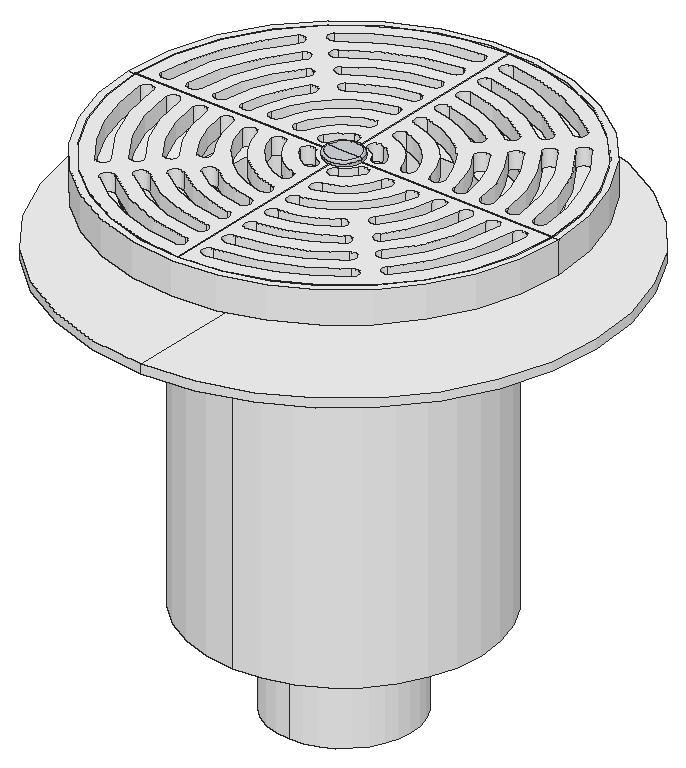
Revit family "F1350-Y-36", category Plumbing Fixtures, host Face, Revit 2018
Family settings
  Host = Face
  Round Connector Dimension = Use Radius
  Part Type = Normal
  Cut with Voids When Loaded = No
  Shared = No
  Room Calculation Point = No
Parameters (values of type "4" Drain Pipe Size")
  WFU = 0
  URL = "WWW.MIFAB.COM"
  Pipe Radius = Pipe Diameter / 2  # 0' - 2"
  Pipe Diameter = 0' - 4"
  Model = "F1350-Y-36"
  Manufacturer = "MIFAB"
  Floor Drain Material = Paint - Sherwin Williams Paint - #952C2A - Bellwood Red
  Description = "GARBAGE CAN WASH DRAIN WITH 12\" ROUND HEAVY DUTY TRACTOR GRATE & EXTRA DEEP SUMP"
  Default Elevation = 0' - 0"
  CWFU = 0
  Body Height = 1' - 0 3/8"
  Assembly Code = ""
Types (6): name | Pipe Radius | Pipe Diameter | Body Height
  (no name) | 0' - 2" | 0' - 4" | 1' - 0 3/8"
  4" Drain Pipe Size | 0' - 2" | 0' - 4" | 1' - 0 3/8"
  2" Drain Pipe Size | 0' - 1" | 0' - 2" | 1' - 0 1/4"
  3" Drain Pipe Size | 0' - 1 1/2" | 0' - 3" | 1' - 0 1/4"
  5" Drain Pipe Size | 0' - 2 1/2" | 0' - 5" | 1' - 0 3/8"
  6" Drain Pipe Size | 0' - 3" | 0' - 6" | 1' - 0 5/8"
Reference planes (in)
  plane 1 "Center (Front/Back)": y = 0
  plane 2: z = 0
  plane 3 "Center (Left/Right)": x = 0
  plane 4: z = -14.625
  plane 5: z = -1.99936
  plane 6: z = -1.37436
  plane 7: y = -2
  plane 8: y = 2
  plane 9: z = -7.125
  plane 10: z = -2.25
  plane 11: y = -7.5
  plane 12: y = 7.5
  plane 13: z = -2.5
  plane 14: z = -14.625
  plane 15: z = -11.625
  plane 16: z = -11.83944
  plane 17: y = -4.09375
  plane 18: y = -3.84375
  plane 19: x = 6.375
  plane 20: x = -6.375
  plane 21: z = -0.5
Forms (in)
  Revolve 1, solid, material "Paint - Sherwin Williams Paint - #952C2A - Bellwood Red" <- "Floor Drain Material"
    sketch origin (0, 0.04396, -1.24936) x (0, 1, 0) y (0, 0, 1)
      loop
        line (-3.88771, -1.00064) -> (-7.54396, -1.00064) -> (-7.54396, -1.25064) -> (-4.13771, -1.25064) -> (-4.13771, -10.59008) -> (-2.04396, -10.59008) -> (-2.04396, -13.37564) -> (-1.79396, -13.37564) -> (-1.79396, -10.37564) -> (-3.88771, -10.37564) -> (-3.88771, -1.00064)
      axis (-0.04396, -1.00064) -> (-0.04396, -13.37564)
    angle from 0 to 360
  Revolve 2, solid, material "Paint - Sherwin Williams Paint - #952C2A - Bellwood Red" <- "Floor Drain Material"
    sketch origin (0, 0, 0) x (1, 0, 0) y (0, 0, 1)
      loop
        line (3.58935, -3.1446) -> (3.84376, -3.1446) -> (3.84376, -1.84096) -> (4.49857, -1.84096) -> (4.49857, -1.46196) -> (5.3662, -0.94064) -> (6.375, -0.94064) -> (6.375, 0) -> (6.17731, 0) -> (6.17731, -0.75314) -> (5.26292, -0.75314) -> (4.29686, -1.18325) -> (4.29686, -1.6443) -> (3.58935, -1.6443) -> (3.58935, -3.1446)
      axis (0, -3.1446) -> (0, 0)
    angle from 0 to 360
  Revolve 3, solid
    sketch origin (0, 0, 0.8125) x (1, 0, 0) y (0, 0, 1)
      loop
        line (0, -0.6896) -> (0, -9.04688) -> (0.67737, -9.04688) -> (0.67737, -8.79687) -> (0.44415, -8.79687) -> (0.44415, -3.0021) -> (0.60917, -3.0021) -> (0.60917, -2.77135) -> (0.44415, -2.77135) -> (0.44415, -2.46406) -> (0.60917, -2.46406) -> (0.60917, -2.21406) -> (0.44415, -2.21406) -> (0.44415, -1.64534) -> (0.52685, -1.5021) -> (0.52685, -0.74766)
        arc (0.52685, -0.74766) -> (0.50985, -0.7066) -> (0.46879, -0.6896) r 0.05807
        line (0.46879, -0.6896) -> (0, -0.6896)
      axis (0, -9.04688) -> (0, -0.6896)
    angle from 0 to 360
  Revolve 4, solid
    sketch origin (0, 0, 0.8125) x (1, 0, 0) y (0, 0, 1)
      loop
        line (-2.73606, -9.97756) -> (-2.73606, -9.82103) -> (-4.12381, -9.82103)
        arc (-4.12381, -9.82103) -> (-4.14324, -9.82868) -> (-4.15223, -9.84752) r 0.02848
        line (-4.15223, -9.84752) -> (-4.17662, -10.19631) -> (-1.23606, -10.19631) -> (-1.23606, -9.76578) -> (-1.43919, -9.76578) -> (-1.43919, -9.97756) -> (-2.73606, -9.97756)
      axis (-4.17662, -10.42674) -> (-1.23606, -10.42674)
    angle from 0 to 360
  Sweep 5, solid
    path origin (0, 0, 0.8125) x (1, 0, 0) y (0, 0, 1)
      loop
        arc (-1.23606, -10.30174) -> (-0.34874, -9.9342) -> (0.0188, -9.04688) r 1.25487
    profile origin (-0.34874, 0, -9.1217) x (-0.707107, 0, 0.707107) y (0, -1, 0)
      loop
        circle (0, 0) r 0.52734
Lines and regions (in)
  model lines, not visible
    curve 1: line (8.00504, 5.99767, -0.53421) -> (8.00504, 18.74767, -0.53421)
    curve 2: line (8.00504, 18.74767, -0.53421) -> (9.75504, 18.74767, -0.53421)
    curve 3: line (8.00504, 5.99767, -0.53421) -> (9.75504, 5.99767, -0.53421)
    curve 4: line (8.00504, 12.37267, -0.53421) -> (8.75504, 12.37267, -0.53421)
    curve 5: line (0, -4.80958, 11.34881) -> (0, -4.80958, 13.59881)
    curve 6: line (0, -4.80958, 13.59881) -> (0, -19.80958, 13.59881)
    curve 7: line (0, -19.80958, 13.59881) -> (0, -19.80958, 11.34881)
    curve 8: line (0, -12.30958, 13.59881) -> (0, -12.30958, 12.34881)
    curve 9: line (7.43662, 0, 23.85677) -> (7.43662, 0, 29.85677)
    curve 10: line (7.43662, 0, 29.85677) -> (20.18662, 0, 29.85677)
    curve 11: line (20.18662, 0, 29.85677) -> (20.18662, 0, 23.85677)
    curve 12: line (13.81162, 0, 29.85677) -> (13.81162, 0, 31.85677)
Dimensions and locks (in)
  plane 5 to plane 4 = 1' - 0.62564"
  plane 6 to plane 5 = 0' - 0 5/8"
  equal spacing: plane 8, plane 1 "Center (Front/Back)", plane 7
  "Pipe Diameter": plane 8 to plane 7
  "Pipe Radius": plane 1 "Center (Front/Back)" to plane 7
  locked: plane 2 to plane 10 at 2.25
  plane 2 to plane 10 = 0' - 2 1/4"
  equal spacing: plane 12, plane 1 "Center (Front/Back)", plane 11
  plane 12 to plane 11 = 1' - 3"
  locked: plane 10 to plane 13 at 0.25
  "Body Height": plane 10 to plane 14
  locked: plane 15 to plane 14 at 3
  locked: plane 15 to plane 16 at 0.21444
  plane 1 "Center (Front/Back)" to plane 18 to plane 17 = 0' - 3 27/32" locked, 0' - 0 1/4" locked
  equal spacing: plane 19, plane 3 "Center (Left/Right)", plane 20
  plane 19 to plane 20 = 1' - 0 3/4"
  locked: plane 2 to plane 21 at 0.5
  aligned and locked: plane 2 to host face
  aligned and locked: level to host face
  aligned and locked: plane 11 to Revolve 1 sketch curve
  aligned and locked: Revolve 1 sketch curve to plane 10
  aligned and locked: Revolve 1 sketch curve to plane 13
  aligned and locked: plane 14 to plane 4
  aligned and locked: plane 15 to Revolve 1 sketch curve
  aligned and locked: plane 16 to Revolve 1 sketch curve
  aligned and locked: Revolve 1 sketch curve to plane 17
  aligned and locked: plane 18 to Revolve 1 sketch curve
  aligned and locked: Revolve 2 sketch curve to plane 2
Automatic sketch dimensions
  host sketch curve to host sketch curve = 8' - 0"  (x2)
  Revolve 1 sketch curve to plane 7 = 0' - 0"
  Revolve 1 sketch curve to plane 4 = 0' - 0"  (x2)
  Revolve 1 sketch curve to plane 1 "Center (Front/Back)" = 0' - 0"
  Revolve 1 sketch curve to plane 7 = 0' - 0 1/4"
  plane 10 to Revolve 1 sketch curve = 0' - 0.12564"
  plane 20 to Revolve 4 sketch curve = 0' - 2.19838"
  Revolve 4 sketch curve to Revolve 4 sketch curve = 0' - 0.02439"
  Revolve 4 sketch curve to Revolve 4 sketch curve = 0' - 0.02841"
  Revolve 4 sketch curve to Revolve 4 sketch curve = 0' - 1.38775"
  Revolve 4 sketch curve to Revolve 4 sketch curve = 0' - 1 19/64"
  Revolve 4 sketch curve to Revolve 4 sketch curve = 0' - 0 13/64"
  Revolve 4 sketch curve to plane 15 = 0' - 2.24119"
  Revolve 4 sketch curve to Revolve 4 sketch curve = 0' - 0 7/32"
  Revolve 4 sketch curve to Revolve 4 sketch curve = 0' - 0.3468"
  Revolve 4 sketch curve to Revolve 4 sketch curve = 0' - 0.00199"
  Revolve 4 sketch curve to Revolve 4 sketch curve = 0' - 0.21178"
  Revolve 4 sketch curve to Revolve 4 sketch curve = 0' - 0.12976"
  Revolve 4 sketch curve to Revolve 4 sketch curve = 0' - 0 1/2"
  Revolve 4 sketch curve to Revolve 4 sketch curve = 0' - 0.23043"
  Sweep 5 sketch curve to plane 3 "Center (Left/Right)" = 0' - 1.23606"
  Sweep 5 sketch curve to plane 9 = 0' - 1 7/64"
  plane 3 "Center (Left/Right)" to Sweep 5 sketch curve = 0' - 0.0188"
  plane 1 "Center (Front/Back)" to Sweep 5 sketch curve = 0' - 0"
  Sweep 5 sketch curve to profile plane = 0' - 0"
  Revolve 3 sketch curve to plane 3 "Center (Left/Right)" = 0' - 0"  (x2)
  plane 3 "Center (Left/Right)" to Revolve 3 sketch curve = 0' - 0.44415"  (x2)
  plane 10 to Revolve 3 sketch curve = 0' - 0.0604"
  Revolve 3 sketch curve to Revolve 3 sketch curve = 0' - 0"
  level to Revolve 3 sketch curve = 0' - 0.1229"
  plane 3 "Center (Left/Right)" to Revolve 3 sketch curve = 0' - 0.46879"
  plane 21 to Revolve 3 sketch curve = 0' - 0.1896"
  Revolve 3 sketch curve to Revolve 3 sketch curve = 0' - 0.0827"
  Revolve 3 sketch curve to Revolve 3 sketch curve = 0' - 0.16501"  (x2)
  Revolve 3 sketch curve to Revolve 3 sketch curve = 0' - 0.23321"
  Revolve 3 sketch curve to plane 9 = 0' - 0 55/64"
  Revolve 3 sketch curve to Revolve 3 sketch curve = 0' - 0 1/4"  (x2)
  Revolve 3 sketch curve to Revolve 3 sketch curve = 0' - 0.23075"
  Revolve 3 sketch curve to Revolve 3 sketch curve = 0' - 0.30729"
  Revolve 3 sketch curve to Revolve 3 sketch curve = 0' - 0.14324"
  Revolve 3 sketch curve to Revolve 3 sketch curve = 0' - 0.34882"
  Revolve 3 sketch curve to Revolve 3 sketch curve = 0' - 0.16977"
  Revolve 2 sketch curve to plane 3 "Center (Left/Right)" = 0' - 0"
  plane 19 to Revolve 2 sketch curve = 0' - 0"
  Revolve 2 sketch curve to plane 13 = 0' - 0.6446"
  plane 19 to Revolve 2 sketch curve = 0' - 2.78565"
  Revolve 2 sketch curve to Revolve 2 sketch curve = 0' - 0.25441"
  Revolve 2 sketch curve to Revolve 2 sketch curve = 0' - 0 29/64"
  Revolve 2 sketch curve to Revolve 2 sketch curve = 0' - 0.20171"
  plane 21 to Revolve 2 sketch curve = 0' - 0.44064"
  Revolve 2 sketch curve to Revolve 2 sketch curve = 0' - 0.86763"
  Revolve 2 sketch curve to Revolve 2 sketch curve = 0' - 0.10329"
  plane 19 to Revolve 2 sketch curve = 0' - 0.19769"
  plane 10 to Revolve 2 sketch curve = 0' - 0.40904"
  Revolve 2 sketch curve to Revolve 2 sketch curve = 0' - 0.19666"
  Revolve 2 sketch curve to Revolve 2 sketch curve = 0' - 0.18234"
  Revolve 2 sketch curve to Revolve 2 sketch curve = 0' - 0.27871"
  Revolve 2 sketch curve to Revolve 2 sketch curve = 0' - 0 3/16"
  level to Revolve 2 sketch curve = 0' - 1.67327"
  Revolve 2 sketch curve to Revolve 2 sketch curve = 0' - 0 1/4"
  radius of Sweep 5 sketch curve = 0' - 0 135/256"
Nested families (in)
  nested 1: "Jali-1" at (0, 0, 0), type "Jali-1"
Connectors (in)
  piping at (0, 0, -14.625), diameter 4, driven by "Pipe Radius", driven by "WFU"
    settings: on Revolve 1, index 2, connector inside diameter 2", connector length 0' - 0", flow factor 0, pipe flow 0 GPM, pressure drop 0.00 psi, fitting loss kfactor 0, connector angle 0.00°, fixture units 0, engagement length 0' - 0", angle of deflection 0.00°, flow configuration 3, flow direction 2, fitting loss method 0, system type 16, joint type 0, gender type 0, connector reference index -1, connector utility 0, adjustable connector no, is connector primary yes, connector description "Sanitary Out"
Definition of nested family "Jali-1"
  Parameters (values of type "Jali-1")
    Material = none
    Floor Drain Material = none
  Reference planes (in)
    plane 1 "Center (Front/Back)": y = 0
    plane 2: z = 0
    plane 3 "Center (Left/Right)": x = 0
  Forms (in)
    Extrusion 1, solid, material <- "Floor Drain Material"
      sketch origin (0, 0, 0) x (1, 0, 0) y (0, 1, 0)
        loop
          line (0, 0) -> (6.19568, 0)
          arc (6.19568, 0) -> (4.36328, 4.34403) -> (0, 6.13013) r 6.17731
          line (0, 6.13013) -> (0, 0)
        loop
          arc (3.77487, 4.3506) -> (2.21112, 5.30474) -> (0.42741, 5.72198) r 5.78361
          arc (0.42741, 5.72198) -> (0.23003, 5.5246) -> (0.42741, 5.32722) r 0.19738
          arc (0.42741, 5.32722) -> (2.06044, 4.94101) -> (3.49556, 4.07129) r 5.38991
          arc (3.49556, 4.07129) -> (3.76357, 4.08258) -> (3.77487, 4.3506) r 0.19821
        loop
          arc (3.21863, 3.78971) -> (1.9113, 4.57665) -> (0.42741, 4.9323) r 4.99621
          arc (0.42741, 4.9323) -> (0.22984, 4.73473) -> (0.42741, 4.53716) r 0.19757
          arc (0.42741, 4.53716) -> (1.7771, 4.20615) -> (2.96647, 3.48737) r 4.6025
          arc (2.96647, 3.48737) -> (3.24372, 3.51246) -> (3.21863, 3.78971) r 0.19685
        loop
          arc (2.6643, 3.22608) -> (1.613, 3.84794) -> (0.42741, 4.14175) r 4.2088
          arc (0.42741, 4.14175) -> (0.22952, 3.94386) -> (0.42741, 3.74598) r 0.19788
          arc (0.42741, 3.74598) -> (1.46247, 3.48415) -> (2.38445, 2.94576) r 3.8151
          arc (2.38445, 2.94576) -> (2.64903, 2.96136) -> (2.6643, 3.22608) r 0.1994
        loop
          arc (2.10895, 2.6614) -> (1.3147, 3.11923) -> (0.42741, 3.34973) r 3.4214
          arc (0.42741, 3.34973) -> (0.22895, 3.15127) -> (0.42741, 2.95282) r 0.19846
          arc (0.42741, 2.95282) -> (1.1642, 2.75543) -> (1.82829, 2.38016) r 3.0277
          arc (1.82829, 2.38016) -> (2.09014, 2.39936) -> (2.10895, 2.6614) r 0.20076
        loop
          arc (2.58681, 0.53769) -> (1.81664, 1.87765) -> (0.42741, 2.55492) r 2.634
          arc (0.42741, 2.55492) -> (0.22771, 2.35522) -> (0.42741, 2.15552) r 0.1997
          arc (0.42741, 2.15552) -> (1.57039, 1.56863) -> (2.20293, 0.45027) r 2.2403
          arc (2.20293, 0.45027) -> (2.43858, 0.30204) -> (2.58681, 0.53769) r 0.19685
        loop
          arc (1.78987, 0.47473) -> (1.28235, 1.29923) -> (0.42741, 1.75362) r 1.8466
          arc (0.42741, 1.75362) -> (0.27517, 1.55032) -> (0.42741, 1.34703) r 0.21185
          arc (0.42741, 1.34703) -> (1.04526, 0.98085) -> (1.41222, 0.36346) r 1.4529
          arc (1.41222, 0.36346) -> (1.65668, 0.23027) -> (1.78987, 0.47473) r 0.19685
        loop
          arc (0.96681, 0.42476) -> (0.7426, 0.72593) -> (0.42741, 0.92995) r 1.0592
          arc (0.42741, 0.92995) -> (0.16983, 0.82435) -> (0.27544, 0.56677) r 0.19685
          arc (0.27544, 0.56677) -> (0.47347, 0.43858) -> (0.61435, 0.24935) r 0.6655
          arc (0.61435, 0.24935) -> (0.87829, 0.16082) -> (0.96681, 0.42476) r 0.19685
        loop
          arc (4.36724, 3.7556) -> (4.09918, 3.74549) -> (4.0867, 3.47753) r 0.19821
          arc (4.0867, 3.47753) -> (4.95007, 2.03858) -> (5.32906, 0.40385) r 5.38991
          arc (5.32906, 0.40385) -> (5.52557, 0.2056) -> (5.72382, 0.40211) r 0.19738
          arc (5.72382, 0.40211) -> (5.31446, 2.18765) -> (4.36724, 3.7556) r 5.78361
        loop
          arc (3.80391, 3.20185) -> (3.52676, 3.22817) -> (3.50045, 2.95102) r 0.19685
          arc (3.50045, 2.95102) -> (4.21396, 1.75849) -> (4.539, 0.40735) r 4.6025
          arc (4.539, 0.40735) -> (4.7357, 0.2089) -> (4.93414, 0.4056) r 0.19757
          arc (4.93414, 0.4056) -> (4.58506, 1.89105) -> (3.80391, 3.20185) r 4.99621
        loop
          arc (3.23782, 2.65002) -> (2.97304, 2.63591) -> (2.95627, 2.37141) r 0.1994
          arc (2.95627, 2.37141) -> (3.49058, 1.44705) -> (3.74783, 0.41084) r 3.8151
          arc (3.74783, 0.41084) -> (3.94484, 0.21209) -> (4.14359, 0.40909) r 0.19788
          arc (4.14359, 0.40909) -> (3.85504, 1.59597) -> (3.23782, 2.65002) r 4.2088
        loop
          arc (2.6707, 2.09716) -> (2.40857, 2.07952) -> (2.38822, 1.81775) r 0.20076
          arc (2.38822, 1.81775) -> (2.76055, 1.15201) -> (2.95468, 0.41435) r 3.0277
          arc (2.95468, 0.41435) -> (3.15226, 0.21502) -> (3.35159, 0.41259) r 0.19846
          arc (3.35159, 0.41259) -> (3.12501, 1.3009) -> (2.6707, 2.09716) r 3.4214
      from -0.47511 to 0
    Extrusion 2, solid, material <- "Floor Drain Material"
      sketch origin (0, 0, 0) x (-1, 0, 0) y (0, -1, 0)
        loop
          line (0, 0) -> (0, -6.13013)
          arc (0, -6.13013) -> (4.36328, -4.34403) -> (6.19568, 0) r 6.17731
          line (6.19568, 0) -> (0, 0)
        loop
          arc (3.77487, -4.3506) -> (3.76357, -4.08258) -> (3.49556, -4.07129) r 0.19821
          arc (3.49556, -4.07129) -> (2.06044, -4.94101) -> (0.42741, -5.32722) r 5.38991
          arc (0.42741, -5.32722) -> (0.23003, -5.5246) -> (0.42741, -5.72198) r 0.19738
          arc (0.42741, -5.72198) -> (2.21112, -5.30474) -> (3.77487, -4.3506) r 5.78361
        loop
          arc (3.21863, -3.78971) -> (3.24372, -3.51246) -> (2.96647, -3.48737) r 0.19685
          arc (2.96647, -3.48737) -> (1.7771, -4.20615) -> (0.42741, -4.53716) r 4.6025
          arc (0.42741, -4.53716) -> (0.22984, -4.73473) -> (0.42741, -4.9323) r 0.19757
          arc (0.42741, -4.9323) -> (1.9113, -4.57665) -> (3.21863, -3.78971) r 4.99621
        loop
          arc (2.6643, -3.22608) -> (2.64903, -2.96136) -> (2.38445, -2.94576) r 0.1994
          arc (2.38445, -2.94576) -> (1.46247, -3.48415) -> (0.42741, -3.74598) r 3.8151
          arc (0.42741, -3.74598) -> (0.22952, -3.94386) -> (0.42741, -4.14175) r 0.19788
          arc (0.42741, -4.14175) -> (1.613, -3.84794) -> (2.6643, -3.22608) r 4.2088
        loop
          arc (2.10895, -2.6614) -> (2.09014, -2.39936) -> (1.82829, -2.38016) r 0.20076
          arc (1.82829, -2.38016) -> (1.1642, -2.75543) -> (0.42741, -2.95282) r 3.0277
          arc (0.42741, -2.95282) -> (0.22895, -3.15127) -> (0.42741, -3.34973) r 0.19846
          arc (0.42741, -3.34973) -> (1.3147, -3.11923) -> (2.10895, -2.6614) r 3.4214
        loop
          arc (2.58681, -0.53769) -> (2.43858, -0.30204) -> (2.20293, -0.45027) r 0.19685
          arc (2.20293, -0.45027) -> (1.57039, -1.56863) -> (0.42741, -2.15552) r 2.2403
          arc (0.42741, -2.15552) -> (0.22771, -2.35522) -> (0.42741, -2.55492) r 0.1997
          arc (0.42741, -2.55492) -> (1.81664, -1.87765) -> (2.58681, -0.53769) r 2.634
        loop
          arc (1.78987, -0.47473) -> (1.65668, -0.23027) -> (1.41222, -0.36346) r 0.19685
          arc (1.41222, -0.36346) -> (1.04526, -0.98085) -> (0.42741, -1.34703) r 1.4529
          arc (0.42741, -1.34703) -> (0.27517, -1.55032) -> (0.42741, -1.75362) r 0.21185
          arc (0.42741, -1.75362) -> (1.28235, -1.29923) -> (1.78987, -0.47473) r 1.8466
        loop
          arc (0.96681, -0.42476) -> (0.87829, -0.16082) -> (0.61435, -0.24935) r 0.19685
          arc (0.61435, -0.24935) -> (0.47347, -0.43858) -> (0.27544, -0.56677) r 0.6655
          arc (0.27544, -0.56677) -> (0.16983, -0.82435) -> (0.42741, -0.92995) r 0.19685
          arc (0.42741, -0.92995) -> (0.7426, -0.72593) -> (0.96681, -0.42476) r 1.0592
        loop
          arc (4.36724, -3.7556) -> (5.31446, -2.18765) -> (5.72382, -0.40211) r 5.78361
          arc (5.72382, -0.40211) -> (5.52557, -0.2056) -> (5.32906, -0.40385) r 0.19738
          arc (5.32906, -0.40385) -> (4.95007, -2.03858) -> (4.0867, -3.47753) r 5.38991
          arc (4.0867, -3.47753) -> (4.09918, -3.74549) -> (4.36724, -3.7556) r 0.19821
        loop
          arc (3.80391, -3.20185) -> (4.58506, -1.89105) -> (4.93414, -0.4056) r 4.99621
          arc (4.93414, -0.4056) -> (4.7357, -0.2089) -> (4.539, -0.40735) r 0.19757
          arc (4.539, -0.40735) -> (4.21396, -1.75849) -> (3.50045, -2.95102) r 4.6025
          arc (3.50045, -2.95102) -> (3.52676, -3.22817) -> (3.80391, -3.20185) r 0.19685
        loop
          arc (3.23782, -2.65002) -> (3.85504, -1.59597) -> (4.14359, -0.40909) r 4.2088
          arc (4.14359, -0.40909) -> (3.94484, -0.21209) -> (3.74783, -0.41084) r 0.19788
          arc (3.74783, -0.41084) -> (3.49058, -1.44705) -> (2.95627, -2.37141) r 3.8151
          arc (2.95627, -2.37141) -> (2.97304, -2.63591) -> (3.23782, -2.65002) r 0.1994
        loop
          arc (2.6707, -2.09716) -> (3.12501, -1.3009) -> (3.35159, -0.41259) r 3.4214
          arc (3.35159, -0.41259) -> (3.15226, -0.21502) -> (2.95468, -0.41435) r 0.19846
          arc (2.95468, -0.41435) -> (2.76055, -1.15201) -> (2.38822, -1.81775) r 3.0277
          arc (2.38822, -1.81775) -> (2.40857, -2.07952) -> (2.6707, -2.09716) r 0.20076
      from -0.47511 to 0
    Extrusion 3, solid, material <- "Floor Drain Material"
      sketch origin (0, 0, 0) x (1, 0, 0) y (0, 1, 0)
        loop
          line (0, 0) -> (0, -6.13013)
          arc (0, -6.13013) -> (4.36328, -4.34403) -> (6.19568, 0) r 6.17731
          line (6.19568, 0) -> (0, 0)
        loop
          arc (3.77487, -4.3506) -> (3.76357, -4.08258) -> (3.49556, -4.07129) r 0.19821
          arc (3.49556, -4.07129) -> (2.06044, -4.94101) -> (0.42741, -5.32722) r 5.38991
          arc (0.42741, -5.32722) -> (0.23003, -5.5246) -> (0.42741, -5.72198) r 0.19738
          arc (0.42741, -5.72198) -> (2.21112, -5.30474) -> (3.77487, -4.3506) r 5.78361
        loop
          arc (3.21863, -3.78971) -> (3.24372, -3.51246) -> (2.96647, -3.48737) r 0.19685
          arc (2.96647, -3.48737) -> (1.7771, -4.20615) -> (0.42741, -4.53716) r 4.6025
          arc (0.42741, -4.53716) -> (0.22984, -4.73473) -> (0.42741, -4.9323) r 0.19757
          arc (0.42741, -4.9323) -> (1.9113, -4.57665) -> (3.21863, -3.78971) r 4.99621
        loop
          arc (2.6643, -3.22608) -> (2.64903, -2.96136) -> (2.38445, -2.94576) r 0.1994
          arc (2.38445, -2.94576) -> (1.46247, -3.48415) -> (0.42741, -3.74598) r 3.8151
          arc (0.42741, -3.74598) -> (0.22952, -3.94386) -> (0.42741, -4.14175) r 0.19788
          arc (0.42741, -4.14175) -> (1.613, -3.84794) -> (2.6643, -3.22608) r 4.2088
        loop
          arc (2.10895, -2.6614) -> (2.09014, -2.39936) -> (1.82829, -2.38016) r 0.20076
          arc (1.82829, -2.38016) -> (1.1642, -2.75543) -> (0.42741, -2.95282) r 3.0277
          arc (0.42741, -2.95282) -> (0.22895, -3.15127) -> (0.42741, -3.34973) r 0.19846
          arc (0.42741, -3.34973) -> (1.3147, -3.11923) -> (2.10895, -2.6614) r 3.4214
        loop
          arc (2.58681, -0.53769) -> (2.43858, -0.30204) -> (2.20293, -0.45027) r 0.19685
          arc (2.20293, -0.45027) -> (1.57039, -1.56863) -> (0.42741, -2.15552) r 2.2403
          arc (0.42741, -2.15552) -> (0.22771, -2.35522) -> (0.42741, -2.55492) r 0.1997
          arc (0.42741, -2.55492) -> (1.81664, -1.87765) -> (2.58681, -0.53769) r 2.634
        loop
          arc (1.78987, -0.47473) -> (1.65668, -0.23027) -> (1.41222, -0.36346) r 0.19685
          arc (1.41222, -0.36346) -> (1.04526, -0.98085) -> (0.42741, -1.34703) r 1.4529
          arc (0.42741, -1.34703) -> (0.27517, -1.55032) -> (0.42741, -1.75362) r 0.21185
          arc (0.42741, -1.75362) -> (1.28235, -1.29923) -> (1.78987, -0.47473) r 1.8466
        loop
          arc (0.96681, -0.42476) -> (0.87829, -0.16082) -> (0.61435, -0.24935) r 0.19685
          arc (0.61435, -0.24935) -> (0.47347, -0.43858) -> (0.27544, -0.56677) r 0.6655
          arc (0.27544, -0.56677) -> (0.16983, -0.82435) -> (0.42741, -0.92995) r 0.19685
          arc (0.42741, -0.92995) -> (0.7426, -0.72593) -> (0.96681, -0.42476) r 1.0592
        loop
          arc (4.36724, -3.7556) -> (5.31446, -2.18765) -> (5.72382, -0.40211) r 5.78361
          arc (5.72382, -0.40211) -> (5.52557, -0.2056) -> (5.32906, -0.40385) r 0.19738
          arc (5.32906, -0.40385) -> (4.95007, -2.03858) -> (4.0867, -3.47753) r 5.38991
          arc (4.0867, -3.47753) -> (4.09918, -3.74549) -> (4.36724, -3.7556) r 0.19821
        loop
          arc (3.80391, -3.20185) -> (4.58506, -1.89105) -> (4.93414, -0.4056) r 4.99621
          arc (4.93414, -0.4056) -> (4.7357, -0.2089) -> (4.539, -0.40735) r 0.19757
          arc (4.539, -0.40735) -> (4.21396, -1.75849) -> (3.50045, -2.95102) r 4.6025
          arc (3.50045, -2.95102) -> (3.52676, -3.22817) -> (3.80391, -3.20185) r 0.19685
        loop
          arc (3.23782, -2.65002) -> (3.85504, -1.59597) -> (4.14359, -0.40909) r 4.2088
          arc (4.14359, -0.40909) -> (3.94484, -0.21209) -> (3.74783, -0.41084) r 0.19788
          arc (3.74783, -0.41084) -> (3.49058, -1.44705) -> (2.95627, -2.37141) r 3.8151
          arc (2.95627, -2.37141) -> (2.97304, -2.63591) -> (3.23782, -2.65002) r 0.1994
        loop
          arc (2.6707, -2.09716) -> (3.12501, -1.3009) -> (3.35159, -0.41259) r 3.4214
          arc (3.35159, -0.41259) -> (3.15226, -0.21502) -> (2.95468, -0.41435) r 0.19846
          arc (2.95468, -0.41435) -> (2.76055, -1.15201) -> (2.38822, -1.81775) r 3.0277
          arc (2.38822, -1.81775) -> (2.40857, -2.07952) -> (2.6707, -2.09716) r 0.20076
      from -0.47511 to 0
    Extrusion 4, solid, material <- "Floor Drain Material"
      sketch origin (0, 0, 0) x (-1, 0, 0) y (0, -1, 0)
        loop
          line (0, 0) -> (6.19568, 0)
          arc (6.19568, 0) -> (4.36328, 4.34403) -> (0, 6.13013) r 6.17731
          line (0, 6.13013) -> (0, 0)
        loop
          arc (3.77487, 4.3506) -> (2.21112, 5.30474) -> (0.42741, 5.72198) r 5.78361
          arc (0.42741, 5.72198) -> (0.23003, 5.5246) -> (0.42741, 5.32722) r 0.19738
          arc (0.42741, 5.32722) -> (2.06044, 4.94101) -> (3.49556, 4.07129) r 5.38991
          arc (3.49556, 4.07129) -> (3.76357, 4.08258) -> (3.77487, 4.3506) r 0.19821
        loop
          arc (3.21863, 3.78971) -> (1.9113, 4.57665) -> (0.42741, 4.9323) r 4.99621
          arc (0.42741, 4.9323) -> (0.22984, 4.73473) -> (0.42741, 4.53716) r 0.19757
          arc (0.42741, 4.53716) -> (1.7771, 4.20615) -> (2.96647, 3.48737) r 4.6025
          arc (2.96647, 3.48737) -> (3.24372, 3.51246) -> (3.21863, 3.78971) r 0.19685
        loop
          arc (2.6643, 3.22608) -> (1.613, 3.84794) -> (0.42741, 4.14175) r 4.2088
          arc (0.42741, 4.14175) -> (0.22952, 3.94386) -> (0.42741, 3.74598) r 0.19788
          arc (0.42741, 3.74598) -> (1.46247, 3.48415) -> (2.38445, 2.94576) r 3.8151
          arc (2.38445, 2.94576) -> (2.64903, 2.96136) -> (2.6643, 3.22608) r 0.1994
        loop
          arc (2.10895, 2.6614) -> (1.3147, 3.11923) -> (0.42741, 3.34973) r 3.4214
          arc (0.42741, 3.34973) -> (0.22895, 3.15127) -> (0.42741, 2.95282) r 0.19846
          arc (0.42741, 2.95282) -> (1.1642, 2.75543) -> (1.82829, 2.38016) r 3.0277
          arc (1.82829, 2.38016) -> (2.09014, 2.39936) -> (2.10895, 2.6614) r 0.20076
        loop
          arc (2.58681, 0.53769) -> (1.81664, 1.87765) -> (0.42741, 2.55492) r 2.634
          arc (0.42741, 2.55492) -> (0.22771, 2.35522) -> (0.42741, 2.15552) r 0.1997
          arc (0.42741, 2.15552) -> (1.57039, 1.56863) -> (2.20293, 0.45027) r 2.2403
          arc (2.20293, 0.45027) -> (2.43858, 0.30204) -> (2.58681, 0.53769) r 0.19685
        loop
          arc (1.78987, 0.47473) -> (1.28235, 1.29923) -> (0.42741, 1.75362) r 1.8466
          arc (0.42741, 1.75362) -> (0.27517, 1.55032) -> (0.42741, 1.34703) r 0.21185
          arc (0.42741, 1.34703) -> (1.04526, 0.98085) -> (1.41222, 0.36346) r 1.4529
          arc (1.41222, 0.36346) -> (1.65668, 0.23027) -> (1.78987, 0.47473) r 0.19685
        loop
          arc (0.96681, 0.42476) -> (0.7426, 0.72593) -> (0.42741, 0.92995) r 1.0592
          arc (0.42741, 0.92995) -> (0.16983, 0.82435) -> (0.27544, 0.56677) r 0.19685
          arc (0.27544, 0.56677) -> (0.47347, 0.43858) -> (0.61435, 0.24935) r 0.6655
          arc (0.61435, 0.24935) -> (0.87829, 0.16082) -> (0.96681, 0.42476) r 0.19685
        loop
          arc (4.36724, 3.7556) -> (4.09918, 3.74549) -> (4.0867, 3.47753) r 0.19821
          arc (4.0867, 3.47753) -> (4.95007, 2.03858) -> (5.32906, 0.40385) r 5.38991
          arc (5.32906, 0.40385) -> (5.52557, 0.2056) -> (5.72382, 0.40211) r 0.19738
          arc (5.72382, 0.40211) -> (5.31446, 2.18765) -> (4.36724, 3.7556) r 5.78361
        loop
          arc (3.80391, 3.20185) -> (3.52676, 3.22817) -> (3.50045, 2.95102) r 0.19685
          arc (3.50045, 2.95102) -> (4.21396, 1.75849) -> (4.539, 0.40735) r 4.6025
          arc (4.539, 0.40735) -> (4.7357, 0.2089) -> (4.93414, 0.4056) r 0.19757
          arc (4.93414, 0.4056) -> (4.58506, 1.89105) -> (3.80391, 3.20185) r 4.99621
        loop
          arc (3.23782, 2.65002) -> (2.97304, 2.63591) -> (2.95627, 2.37141) r 0.1994
          arc (2.95627, 2.37141) -> (3.49058, 1.44705) -> (3.74783, 0.41084) r 3.8151
          arc (3.74783, 0.41084) -> (3.94484, 0.21209) -> (4.14359, 0.40909) r 0.19788
          arc (4.14359, 0.40909) -> (3.85504, 1.59597) -> (3.23782, 2.65002) r 4.2088
        loop
          arc (2.6707, 2.09716) -> (2.40857, 2.07952) -> (2.38822, 1.81775) r 0.20076
          arc (2.38822, 1.81775) -> (2.76055, 1.15201) -> (2.95468, 0.41435) r 3.0277
          arc (2.95468, 0.41435) -> (3.15226, 0.21502) -> (3.35159, 0.41259) r 0.19846
          arc (3.35159, 0.41259) -> (3.12501, 1.3009) -> (2.6707, 2.09716) r 3.4214
      from -0.47511 to 0
  Dimensions and locks (in)
    aligned and locked: level to plane 2
